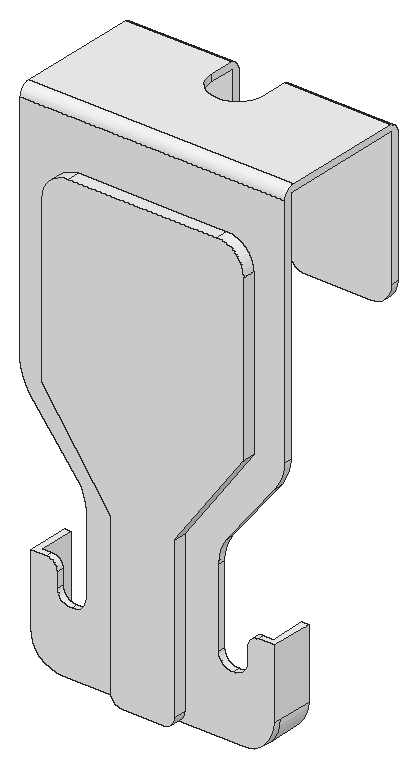
Revit family "clip_cs19", category 機械設備, Revit 2020
Family settings
  丸型コネクタ寸法 = 直径を使用
  種別 = なし
  パーツ タイプ = 標準
  作業面ベース = いいえ
  常に垂直 = はい
  ロード時にボイドで切り取り = いいえ
  共有 = いいえ
  部屋計算ポイント = いいえ
Parameters
  製造元 = "株式会社桐井製作所"
  既定の高さ = 0 mm
  URL = "https://www.kirii.co.jp/"
  K_材質 = "SGCC　一般用"
  K_品名 = "CS-19用クリップ"
  K_名称 = "クリップ"
  K_単位質量(kg/個) = 0.009
  K_入数 = "1000"
  K_バージョン情報 = "20210524"
  K_めっき付着量 = "Z12"
  K_JIS規格 = "JIS G 3302"
  K_JIS外 [instance] = not(K_JIS)  # no
  K_JIS [instance] = yes
Reference planes
  plane 1 "中心(正面/背面)": y = 0
  plane 2: z = 0
  plane 3 "中心(左/右)": x = 0
Forms (mm)
  Extrusion 1, solid
    sketch origin (0, 0, 0) x (1, 0, 0) y (0, 0, 1)
      loop
        line (-9.5, 25) -> (-3, 16) -> (-3, 1)
        arc (-3, 1) -> (-2.707, 0.293) -> (-2, 0) r 1
        line (-2, 0) -> (2, 0)
        arc (2, 0) -> (2.707, 0.293) -> (3, 1) r 1
        line (3, 1) -> (3, 16) -> (9.5, 25) -> (9.5, 40.5)
        arc (9.5, 40.5) -> (8.768, 42.268) -> (7, 43) r 2.5
        line (7, 43) -> (-7, 43)
        arc (-7, 43) -> (-8.768, 42.268) -> (-9.5, 40.5) r 2.5
        line (-9.5, 40.5) -> (-9.5, 25)
    from -1.17 to 0
  Extrusion 2, solid
    sketch origin (0, 0, 0) x (1, 0, 0) y (0, 0, 1)
      loop
        line (-10.9, 10.122) -> (-11.5, 9.6) -> (-11.5, 3)
        arc (-11.5, 3) -> (-10.621, 0.879) -> (-8.5, 0) r 3
        line (-8.5, 0) -> (8.5, 0)
        arc (8.5, 0) -> (10.621, 0.879) -> (11.5, 3) r 3
        line (11.5, 3) -> (11.5, 9.6) -> (10.9, 10.122) -> (10.9, 3)
        arc (10.9, 3) -> (10.197, 1.303) -> (8.5, 0.6) r 2.4
        line (8.5, 0.6) -> (-8.5, 0.6)
        arc (-8.5, 0.6) -> (-10.197, 1.303) -> (-10.9, 3) r 2.4
        line (-10.9, 3) -> (-10.9, 10.122)
    from -5.17 to -1.8
  Extrusion 3, void
    sketch origin (0, 0, 0) x (1, 0, 0) y (0, 0, 1)
      loop
        arc (7.625, 6.006) -> (8.589, 6.323) -> (9, 7.25) r 1.25
        line (9, 7.25) -> (9, 8.6)
        arc (9, 8.6) -> (9.293, 9.307) -> (10, 9.6) r 1
        line (10, 9.6) -> (11.5, 9.6) -> (11.5, 3)
        arc (11.5, 3) -> (10.621, 0.879) -> (8.5, 0) r 3
        line (8.5, 0) -> (12.5, 0) -> (12.5, 25.377)
        arc (12.5, 25.377) -> (12.282, 24.075) -> (11.652, 22.915) r 4
        line (11.652, 22.915) -> (7.098, 17.085)
        arc (7.098, 17.085) -> (6.468, 15.925) -> (6.25, 14.623) r 4
        line (6.25, 14.623) -> (6.25, 7.25)
        arc (6.25, 7.25) -> (6.661, 6.323) -> (7.625, 6.006) r 1.25
      loop
        line (-12.5, 25.377) -> (-12.5, 0) -> (-8.5, 0)
        arc (-8.5, 0) -> (-10.621, 0.879) -> (-11.5, 3) r 3
        line (-11.5, 3) -> (-11.5, 9.6) -> (-10, 9.6)
        arc (-10, 9.6) -> (-9.293, 9.307) -> (-9, 8.6) r 1
        line (-9, 8.6) -> (-9, 7.25)
        arc (-9, 7.25) -> (-8.589, 6.323) -> (-7.625, 6.006) r 1.25
        arc (-7.625, 6.006) -> (-6.661, 6.323) -> (-6.25, 7.25) r 1.25
        line (-6.25, 7.25) -> (-6.25, 14.623)
        arc (-6.25, 14.623) -> (-6.468, 15.925) -> (-7.098, 17.085) r 4
        line (-7.098, 17.085) -> (-11.652, 22.915)
        arc (-11.652, 22.915) -> (-12.282, 24.075) -> (-12.5, 25.377) r 4
    from -5.17 to 0
  Extrusion 4, void
    sketch origin (0, 0, 0) x (1, 0, 0) y (0, 1, 0)
      loop
        line (-2.5, 14.418) -> (-2.5, 11.2)
        arc (-2.5, 11.2) -> (-1.768, 9.432) -> (0, 8.7) r 2.5
        arc (0, 8.7) -> (1.768, 9.432) -> (2.5, 11.2) r 2.5
        line (2.5, 11.2) -> (2.5, 14.418) -> (-2.5, 14.418)
    from 34.9 to 48.855
  Extrusion 5, solid
    sketch origin (0, 30, 0) x (0, 1, 0) y (0, 0, 1)
      loop
        line (-28.2, 47.9) -> (-16.199, 47.9) -> (-16.199, 32.283) -> (-15.582, 32.9) -> (-15.582, 47.684)
        arc (-15.582, 47.684) -> (-15.86, 48.234) -> (-16.408, 48.517) r 1
        line (-16.408, 48.517) -> (-27.828, 48.53)
        arc (-27.828, 48.53) -> (-28.536, 48.238) -> (-28.83, 47.53) r 1
        line (-28.83, 47.53) -> (-28.83, 0) -> (-27.64, 0) -> (-28.2, 0.6) -> (-28.2, 47.9)
    from -12.5 to 12.5
  Extrusion 6, void
    sketch origin (0, -19.099, 61.1) x (1, 0, 0) y (0, 0, -1)
      loop
        arc (2.5, 26.2) -> (3.086, 27.614) -> (4.5, 28.2) r 2
        line (4.5, 28.2) -> (10.5, 28.2)
        arc (10.5, 28.2) -> (11.914, 27.614) -> (12.5, 26.2) r 2
        line (12.5, 26.2) -> (12.5, 28.838) -> (-12.5, 28.838) -> (-12.5, 26.2)
        arc (-12.5, 26.2) -> (-11.914, 27.614) -> (-10.5, 28.2) r 2
        line (-10.5, 28.2) -> (-4.5, 28.2)
        arc (-4.5, 28.2) -> (-3.086, 27.614) -> (-2.5, 26.2) r 2
        line (-2.5, 26.2) -> (2.5, 26.2)
    from 32.9 to 33.517
Cuts and joins
  Extrusion 3 cuts Extrusion 2
  Extrusion 3, Extrusion 4, Extrusion 6 cuts Extrusion 5
  joined: Extrusion 1, Extrusion 2, Extrusion 5
Dimensions and locks
  aligned and locked: level to plane 2
